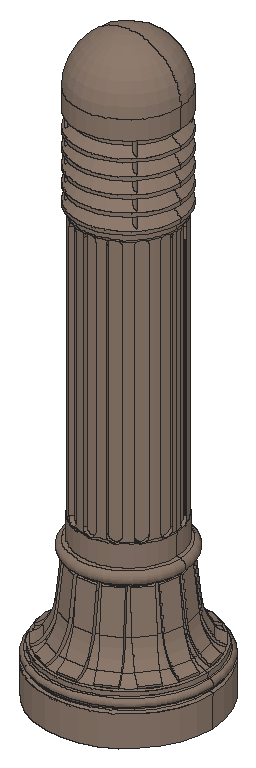
Revit family "BL0210", category Generic Models, Revit 2014
Parameters
  LIGHTING FINS 02 = Bronze, Architectural
  LIGHTING FINS = Bronze, Architectural
  DETAILS = Bronze, Architectural
  CAP = Bronze, Architectural
  BODY = Bronze, Architectural
Reference planes (in)
  plane 1 "Center (Front/Back)": y = 0
  plane 2: z = 0
  plane 3 "Center (Left/Right)": x = 0
Forms (in)
  Revolve 1, solid, material "Bronze, Architectural" <- "CAP"
    sketch origin (0, 0, 0) x (1, 0, 0) y (0, 0, 1)
      loop
        line (0, 45.89138) -> (0, 40.39138) -> (4, 40.39138) -> (4, 41.89138)
        arc (4, 41.89138) -> (2.82843, 44.71981) -> (0, 45.89138) r 4
      axis (0, 40.39138) -> (0, 45.89138)
    angle from 0 to 360
  Revolve 2, solid, material "Bronze, Architectural" <- "BODY"
    sketch origin (0, 0, 0) x (1, 0, 0) y (0, 0, 1)
      loop
        line (0, 0.06638) -> (6.5, 0.06638) -> (6.5, 2.44138) -> (6.26535, 2.55871)
        arc (6.26535, 2.55871) -> (6.23194, 2.60306) -> (6.24694, 2.65652) r 0.0626
        line (6.24694, 2.65652) -> (6.42529, 2.85461)
        arc (6.42529, 2.85461) -> (6.48817, 3.15494) -> (6.28187, 3.38207) r 0.3375
        line (6.28187, 3.38207) -> (6.125, 3.44138) -> (6.125, 3.75388) -> (5.90697, 3.81033)
        arc (5.90697, 3.81033) -> (5.42323, 4.04749) -> (5.02599, 4.41143) r 1.89122
        arc (5.02599, 4.41143) -> (4.50081, 5.38664) -> (4.2068, 6.45453) r 4.92577
        line (4.2068, 6.45453) -> (3.8337, 9.75388) -> (3.8125, 9.94138) -> (3.9, 9.94138)
        arc (3.9, 9.94138) -> (4.37166, 10.36013) -> (4.01171, 10.87806) r 0.475
        line (4.01171, 10.87806) -> (3.75, 10.94138) -> (3.75, 12.56638)
        arc (3.75, 12.56638) -> (3.72506, 12.6204) -> (3.71652, 12.67928) r 0.2071
        line (3.71652, 12.67928) -> (3.71652, 33.32847)
        arc (3.71652, 33.32847) -> (3.72506, 33.38736) -> (3.75, 33.44138) r 0.2071
        line (3.75, 33.44138) -> (3.75, 33.94138) -> (0, 33.94138) -> (0, 0.06638)
      axis (0, 33.94138) -> (0, 0.06638)
    angle from 0 to 360
  Extrusion 3, solid, material "Bronze, Architectural" <- "LIGHTING FINS 02"
    sketch origin (6.85522, 9.77407, 0) x (-0.707074, -0.70714, 0) y (0.70714, -0.707074, 0)
      loop
        line (11.64621, 5.16687) -> (11.89621, 5.16687) -> (11.89621, 5.75077)
        arc (11.89621, 5.75077) -> (11.77121, 5.87577) -> (11.64621, 5.75077) r 0.125
        line (11.64621, 5.75077) -> (11.64621, 5.16687)
    from 33.94138 to 40.39138
  Extrusion 4, solid, material "Bronze, Architectural" <- "LIGHTING FINS 02"
    sketch origin (-6.85563, -9.77344, 0) x (0.707067, 0.707147, 0) y (-0.707147, 0.707067, 0)
      loop
        line (11.63461, 5.16687) -> (11.88461, 5.16687) -> (11.88461, 5.74691)
        arc (11.88461, 5.74691) -> (11.75961, 5.87191) -> (11.63461, 5.74691) r 0.125
        line (11.63461, 5.74691) -> (11.63461, 5.16687)
    from 33.94138 to 40.39138
  Extrusion 5, solid, material "Bronze, Architectural" <- "LIGHTING FINS 02"
    sketch origin (-9.77344, 6.85658, 0) x (0.707085, -0.707128, 0) y (0.707128, 0.707085, 0)
      loop
        line (11.6344, 5.16687) -> (11.8844, 5.16687) -> (11.8844, 5.74973)
        arc (11.8844, 5.74973) -> (11.7594, 5.87473) -> (11.6344, 5.74973) r 0.125
        line (11.6344, 5.74973) -> (11.6344, 5.16687)
    from 33.94138 to 40.39138
  Extrusion 6, solid, material "Bronze, Architectural" <- "LIGHTING FINS 02"
    sketch origin (9.77493, -6.85304, 0) x (-0.70729, 0.706923, 0) y (-0.706923, -0.70729, 0)
      loop
        line (11.63479, 5.16687) -> (11.88479, 5.16687) -> (11.88479, 5.7483)
        arc (11.88479, 5.7483) -> (11.75979, 5.8733) -> (11.63479, 5.7483) r 0.125
        line (11.63479, 5.7483) -> (11.63479, 5.16687)
    from 33.94138 to 40.39138
  Revolve 7, solid, material "Bronze, Architectural" <- "LIGHTING FINS"
    sketch origin (0, 0, 0) x (1, 0, 0) y (0, 0, 1)
      loop
        line (-4, 38.94138) -> (-3.875, 38.94138) -> (-3.86627, 39.19138) -> (-3.0625, 39.45238) -> (-3, 39.45238) -> (-3, 38.94138) -> (-3.125, 38.94138) -> (-4, 37.94138) -> (-4, 37.69138) -> (-3.875, 37.69138) -> (-3.86627, 37.94138) -> (-3.0625, 38.64138) -> (-3, 38.64138) -> (-3, 37.69138) -> (-3.125, 37.69138) -> (-4, 36.69138) -> (-4, 36.44138) -> (-3.875, 36.44138) -> (-3.86627, 36.69138) -> (-3.0625, 37.39138) -> (-3, 37.39138) -> (-3, 36.44138) -> (-3.125, 36.44138) -> (-4, 35.44138) -> (-4, 35.19138) -> (-3.875, 35.19138) -> (-3.86627, 35.44138) -> (-3.06239, 36.14148) -> (-3, 36.14148) -> (-3, 35.19138) -> (-3.125, 35.19138) -> (-4, 34.19138) -> (-4, 33.94138) -> (-3.875, 33.94138) -> (-3.86627, 34.19138) -> (-3.0625, 34.89138) -> (-3, 34.89138) -> (-3, 33.94138) -> (0, 33.94138) -> (0, 40.39138) -> (-3.449, 40.39138) -> (-3.449, 39.82738) -> (-3.2875, 39.82738) -> (-4, 39.19138) -> (-4, 38.94138)
      axis (0, 40.39138) -> (0, 33.94138)
    angle from 0 to 360
  Extrusion 8, void
    sketch origin (0, 0, 0) x (1, 0, 0) y (0, 0, 1)
      loop
        line (0.5, 13.06685) -> (0.5, 32.94185)
        arc (0.5, 32.94185) -> (0, 33.44185) -> (-0.5, 32.94185) r 0.5
        line (-0.5, 32.94185) -> (-0.5, 13.06685)
        arc (-0.5, 13.06685) -> (0, 12.56685) -> (0.5, 13.06685) r 0.5
    from 3.39308 to 6.5
  Extrusion 9, void
    sketch origin (0, 0, 0) x (0.900969, 0.433884, 0) y (0, 0, 1)
      loop
        line (0.5, 13.06685) -> (0.5, 32.94185)
        arc (0.5, 32.94185) -> (0, 33.44185) -> (-0.5, 32.94185) r 0.5
        line (-0.5, 32.94185) -> (-0.5, 13.06685)
        arc (-0.5, 13.06685) -> (0, 12.56685) -> (0.5, 13.06685) r 0.5
    from 3.41255 to 6.5
  Extrusion 10, void
    sketch origin (0, 0, 0) x (0.62349, 0.781831, 0) y (0, 0, 1)
      loop
        line (0.5, 13.06685) -> (0.5, 32.94185)
        arc (0.5, 32.94185) -> (0, 33.44185) -> (-0.5, 32.94185) r 0.5
        line (-0.5, 32.94185) -> (-0.5, 13.06685)
        arc (-0.5, 13.06685) -> (0, 12.56685) -> (0.5, 13.06685) r 0.5
    from 3.40325 to 6.5
  Extrusion 11, void
    sketch origin (0, 0, 0) x (0.222521, 0.974928, 0) y (0, 0, 1)
      loop
        line (0.5, 13.06685) -> (0.5, 32.94185)
        arc (0.5, 32.94185) -> (0, 33.44185) -> (-0.5, 32.94185) r 0.5
        line (-0.5, 32.94185) -> (-0.5, 13.06685)
        arc (-0.5, 13.06685) -> (0, 12.56685) -> (0.5, 13.06685) r 0.5
    from 3.38734 to 6.5
  Extrusion 12, void
    sketch origin (0, 0, 0) x (-0.222521, 0.974928, 0) y (0, 0, 1)
      loop
        line (0.5, 13.06685) -> (0.5, 32.94185)
        arc (0.5, 32.94185) -> (0, 33.44185) -> (-0.5, 32.94185) r 0.5
        line (-0.5, 32.94185) -> (-0.5, 13.06685)
        arc (-0.5, 13.06685) -> (0, 12.56685) -> (0.5, 13.06685) r 0.5
    from 3.40116 to 6.5
  Extrusion 13, void
    sketch origin (0, 0, 0) x (0.900969, -0.433884, 0) y (0, 0, 1)
      loop
        line (0.5, 13.06685) -> (0.5, 32.94185)
        arc (0.5, 32.94185) -> (0, 33.44185) -> (-0.5, 32.94185) r 0.5
        line (-0.5, 32.94185) -> (-0.5, 13.06685)
        arc (-0.5, 13.06685) -> (0, 12.56685) -> (0.5, 13.06685) r 0.5
    from 3.41025 to 6.5
  Extrusion 14, void
    sketch origin (0, 0, 0) x (0.62349, -0.781831, 0) y (0, 0, 1)
      loop
        line (0.5, 13.06685) -> (0.5, 32.94185)
        arc (0.5, 32.94185) -> (0, 33.44185) -> (-0.5, 32.94185) r 0.5
        line (-0.5, 32.94185) -> (-0.5, 13.06685)
        arc (-0.5, 13.06685) -> (0, 12.56685) -> (0.5, 13.06685) r 0.5
    from 3.40894 to 6.5
  Extrusion 15, void
    sketch origin (0, 0, 0) x (0.222521, -0.974928, 0) y (0, 0, 1)
      loop
        line (0.5, 13.06685) -> (0.5, 32.94185)
        arc (0.5, 32.94185) -> (0, 33.44185) -> (-0.5, 32.94185) r 0.5
        line (-0.5, 32.94185) -> (-0.5, 13.06685)
        arc (-0.5, 13.06685) -> (0, 12.56685) -> (0.5, 13.06685) r 0.5
    from 3.39923 to 6.5
  Extrusion 16, void
    sketch origin (0, 0, 0) x (-0.222521, -0.974928, 0) y (0, 0, 1)
      loop
        line (0.5, 13.06685) -> (0.5, 32.94185)
        arc (0.5, 32.94185) -> (0, 33.44185) -> (-0.5, 32.94185) r 0.5
        line (-0.5, 32.94185) -> (-0.5, 13.06685)
        arc (-0.5, 13.06685) -> (0, 12.56685) -> (0.5, 13.06685) r 0.5
    from 3.40041 to 6.5
  Extrusion 17, void
    sketch origin (0, 0, 0) x (-0.62349, -0.781831, 0) y (0, 0, 1)
      loop
        line (0.5, 13.06685) -> (0.5, 32.94185)
        arc (0.5, 32.94185) -> (0, 33.44185) -> (-0.5, 32.94185) r 0.5
        line (-0.5, 32.94185) -> (-0.5, 13.06685)
        arc (-0.5, 13.06685) -> (0, 12.56685) -> (0.5, 13.06685) r 0.5
    from 3.39682 to 6.5
  Extrusion 18, void
    sketch origin (0, 0, 0) x (-0.900969, -0.433884, 0) y (0, 0, 1)
      loop
        line (0.5, 13.06685) -> (0.5, 32.94185)
        arc (0.5, 32.94185) -> (0, 33.44185) -> (-0.5, 32.94185) r 0.5
        line (-0.5, 32.94185) -> (-0.5, 13.06685)
        arc (-0.5, 13.06685) -> (0, 12.56685) -> (0.5, 13.06685) r 0.5
    from 3.40056 to 6.5
  Extrusion 19, void
    sketch origin (0, 0, 0) x (-0.62349, 0.781831, 0) y (0, 0, 1)
      loop
        line (0.5, 13.06685) -> (0.5, 32.94185)
        arc (0.5, 32.94185) -> (0, 33.44185) -> (-0.5, 32.94185) r 0.5
        line (-0.5, 32.94185) -> (-0.5, 13.06685)
        arc (-0.5, 13.06685) -> (0, 12.56685) -> (0.5, 13.06685) r 0.5
    from 3.39968 to 6.5
  Extrusion 20, void
    sketch origin (0, 0, 0) x (-0.900969, 0.433884, 0) y (0, 0, 1)
      loop
        line (0.5, 13.06685) -> (0.5, 32.94185)
        arc (0.5, 32.94185) -> (0, 33.44185) -> (-0.5, 32.94185) r 0.5
        line (-0.5, 32.94185) -> (-0.5, 13.06685)
        arc (-0.5, 13.06685) -> (0, 12.56685) -> (0.5, 13.06685) r 0.5
    from 3.23356 to 6.5
  Extrusion 21, void
    sketch origin (0, 0, 0) x (-1, 0, 0) y (0, 0, 1)
      loop
        line (0.5, 13.06685) -> (0.5, 32.94185)
        arc (0.5, 32.94185) -> (0, 33.44185) -> (-0.5, 32.94185) r 0.5
        line (-0.5, 32.94185) -> (-0.5, 13.06685)
        arc (-0.5, 13.06685) -> (0, 12.56685) -> (0.5, 13.06685) r 0.5
    from 3.38848 to 6.5
  Extrusion 22, solid, material "Bronze, Architectural" <- "DETAILS"
    sketch origin (-0.00111, -0.07141, 0) x (0.000152, 1, 0) y (0, 0, 1)
      loop
        arc (5.94707, 3.995) -> (5.52428, 4.20602) -> (5.17571, 4.52504) r 1.70372
        arc (5.17571, 4.52504) -> (4.67418, 5.45854) -> (4.39265, 6.48016) r 4.73827
        line (4.39265, 6.48016) -> (4.02947, 9.69185) -> (3.8337, 9.75435) -> (4.20699, 6.45334)
        arc (4.20699, 6.45334) -> (4.50137, 5.38621) -> (5.02599, 4.41143) r 4.93973
        arc (5.02599, 4.41143) -> (5.42353, 4.04794) -> (5.90697, 3.81033) r 1.904
        line (5.90697, 3.81033) -> (5.94707, 3.995)
    from -0.74527 to 0.74746
  Extrusion 23, solid, material "Bronze, Architectural" <- "DETAILS"
    sketch origin (-0.03143, -0.06365, 0) x (0.433962, 0.900931, 0) y (0, 0, 1)
      loop
        arc (5.94707, 3.995) -> (5.52428, 4.20602) -> (5.17571, 4.52504) r 1.70372
        arc (5.17571, 4.52504) -> (4.67418, 5.45854) -> (4.39265, 6.48016) r 4.73827
        line (4.39265, 6.48016) -> (4.02947, 9.69185) -> (3.8337, 9.75435) -> (4.20699, 6.45334)
        arc (4.20699, 6.45334) -> (4.50137, 5.38621) -> (5.02599, 4.41143) r 4.93973
        arc (5.02599, 4.41143) -> (5.42353, 4.04794) -> (5.90697, 3.81033) r 1.904
        line (5.90697, 3.81033) -> (5.94707, 3.995)
    from -0.74527 to 0.74746
  Extrusion 24, solid, material "Bronze, Architectural" <- "DETAILS"
    sketch origin (-0.05538, -0.0435, 0) x (0.781869, 0.623442, 0) y (0, 0, 1)
      loop
        arc (5.94707, 3.995) -> (5.52428, 4.20602) -> (5.17571, 4.52504) r 1.70372
        arc (5.17571, 4.52504) -> (4.67418, 5.45854) -> (4.39265, 6.48016) r 4.73827
        line (4.39265, 6.48016) -> (4.02947, 9.69185) -> (3.8337, 9.75435) -> (4.20699, 6.45334)
        arc (4.20699, 6.45334) -> (4.50137, 5.38621) -> (5.02599, 4.41143) r 4.93973
        arc (5.02599, 4.41143) -> (5.42353, 4.04794) -> (5.90697, 3.81033) r 1.904
        line (5.90697, 3.81033) -> (5.94707, 3.995)
    from -0.74527 to 0.74746
  Extrusion 25, solid, material "Bronze, Architectural" <- "DETAILS"
    sketch origin (-0.06822, -0.01495, 0) x (0.974944, 0.222452, 0) y (0, 0, 1)
      loop
        arc (5.94707, 3.995) -> (5.52428, 4.20602) -> (5.17571, 4.52504) r 1.70372
        arc (5.17571, 4.52504) -> (4.67418, 5.45854) -> (4.39265, 6.48016) r 4.73827
        line (4.39265, 6.48016) -> (4.02947, 9.69185) -> (3.8337, 9.75435) -> (4.20699, 6.45334)
        arc (4.20699, 6.45334) -> (4.50137, 5.38621) -> (5.02599, 4.41143) r 4.93973
        arc (5.02599, 4.41143) -> (5.42353, 4.04794) -> (5.90697, 3.81033) r 1.904
        line (5.90697, 3.81033) -> (5.94707, 3.995)
    from -0.74527 to 0.74746
  Extrusion 26, solid, material "Bronze, Architectural" <- "DETAILS"
    sketch origin (-0.06741, 0.01634, 0) x (0.974901, -0.222639, 0) y (0, 0, 1)
      loop
        arc (5.94707, 3.995) -> (5.52428, 4.20602) -> (5.17571, 4.52504) r 1.70372
        arc (5.17571, 4.52504) -> (4.67418, 5.45854) -> (4.39265, 6.48016) r 4.73827
        line (4.39265, 6.48016) -> (4.02947, 9.69185) -> (3.8337, 9.75435) -> (4.20699, 6.45334)
        arc (4.20699, 6.45334) -> (4.50137, 5.38621) -> (5.02599, 4.41143) r 4.93973
        arc (5.02599, 4.41143) -> (5.42353, 4.04794) -> (5.90697, 3.81033) r 1.904
        line (5.90697, 3.81033) -> (5.94707, 3.995)
    from -0.74527 to 0.74746
  Extrusion 27, solid, material "Bronze, Architectural" <- "DETAILS"
    sketch origin (0.02958, -0.06525, 0) x (-0.433675, 0.901069, 0) y (0, 0, 1)
      loop
        arc (5.94707, 3.995) -> (5.52428, 4.20602) -> (5.17571, 4.52504) r 1.70372
        arc (5.17571, 4.52504) -> (4.67418, 5.45854) -> (4.39265, 6.48016) r 4.73827
        line (4.39265, 6.48016) -> (4.02947, 9.69185) -> (3.8337, 9.75435) -> (4.20699, 6.45334)
        arc (4.20699, 6.45334) -> (4.50137, 5.38621) -> (5.02599, 4.41143) r 4.93973
        arc (5.02599, 4.41143) -> (5.42353, 4.04794) -> (5.90697, 3.81033) r 1.904
        line (5.90697, 3.81033) -> (5.94707, 3.995)
    from -0.74527 to 0.74746
  Extrusion 28, solid, material "Bronze, Architectural" <- "DETAILS"
    sketch origin (0.05455, -0.04639, 0) x (-0.781634, 0.623737, 0) y (0, 0, 1)
      loop
        arc (5.94707, 3.995) -> (5.52428, 4.20602) -> (5.17571, 4.52504) r 1.70372
        arc (5.17571, 4.52504) -> (4.67418, 5.45854) -> (4.39265, 6.48016) r 4.73827
        line (4.39265, 6.48016) -> (4.02947, 9.69185) -> (3.8337, 9.75435) -> (4.20699, 6.45334)
        arc (4.20699, 6.45334) -> (4.50137, 5.38621) -> (5.02599, 4.41143) r 4.93973
        arc (5.02599, 4.41143) -> (5.42353, 4.04794) -> (5.90697, 3.81033) r 1.904
        line (5.90697, 3.81033) -> (5.94707, 3.995)
    from -0.74527 to 0.74746
  Extrusion 29, solid, material "Bronze, Architectural" <- "DETAILS"
    sketch origin (0.06887, -0.01856, 0) x (-0.97484, 0.222905, 0) y (0, 0, 1)
      loop
        arc (5.94707, 3.995) -> (5.52428, 4.20602) -> (5.17571, 4.52504) r 1.70372
        arc (5.17571, 4.52504) -> (4.67418, 5.45854) -> (4.39265, 6.48016) r 4.73827
        line (4.39265, 6.48016) -> (4.02947, 9.69185) -> (3.8337, 9.75435) -> (4.20699, 6.45334)
        arc (4.20699, 6.45334) -> (4.50137, 5.38621) -> (5.02599, 4.41143) r 4.93973
        arc (5.02599, 4.41143) -> (5.42353, 4.04794) -> (5.90697, 3.81033) r 1.904
        line (5.90697, 3.81033) -> (5.94707, 3.995)
    from -0.74527 to 0.74746
  Extrusion 30, solid, material "Bronze, Architectural" <- "DETAILS"
    sketch origin (0.0697, 0.01273, 0) x (-0.975026, -0.222089, 0) y (0, 0, 1)
      loop
        arc (5.94707, 3.995) -> (5.52428, 4.20602) -> (5.17571, 4.52504) r 1.70372
        arc (5.17571, 4.52504) -> (4.67418, 5.45854) -> (4.39265, 6.48016) r 4.73827
        line (4.39265, 6.48016) -> (4.02947, 9.69185) -> (3.8337, 9.75435) -> (4.20699, 6.45334)
        arc (4.20699, 6.45334) -> (4.50137, 5.38621) -> (5.02599, 4.41143) r 4.93973
        arc (5.02599, 4.41143) -> (5.42353, 4.04794) -> (5.90697, 3.81033) r 1.904
        line (5.90697, 3.81033) -> (5.94707, 3.995)
    from -0.74527 to 0.74746
  Extrusion 31, solid, material "Bronze, Architectural" <- "DETAILS"
    sketch origin (0.05689, 0.04125, 0) x (-0.782412, -0.622762, 0) y (0, 0, 1)
      loop
        arc (5.94707, 3.995) -> (5.52428, 4.20602) -> (5.17571, 4.52504) r 1.70372
        arc (5.17571, 4.52504) -> (4.67418, 5.45854) -> (4.39265, 6.48016) r 4.73827
        line (4.39265, 6.48016) -> (4.02947, 9.69185) -> (3.8337, 9.75435) -> (4.20699, 6.45334)
        arc (4.20699, 6.45334) -> (4.50137, 5.38621) -> (5.02599, 4.41143) r 4.93973
        arc (5.02599, 4.41143) -> (5.42353, 4.04794) -> (5.90697, 3.81033) r 1.904
        line (5.90697, 3.81033) -> (5.94707, 3.995)
    from -0.74527 to 0.74746
  Extrusion 32, solid, material "Bronze, Architectural" <- "DETAILS"
    sketch origin (0.03296, 0.06142, 0) x (-0.434846, -0.900505, 0) y (0, 0, 1)
      loop
        arc (5.94707, 3.995) -> (5.52428, 4.20602) -> (5.17571, 4.52504) r 1.70372
        arc (5.17571, 4.52504) -> (4.67418, 5.45854) -> (4.39265, 6.48016) r 4.73827
        line (4.39265, 6.48016) -> (4.02947, 9.69185) -> (3.8337, 9.75435) -> (4.20699, 6.45334)
        arc (4.20699, 6.45334) -> (4.50137, 5.38621) -> (5.02599, 4.41143) r 4.93973
        arc (5.02599, 4.41143) -> (5.42353, 4.04794) -> (5.90697, 3.81033) r 1.904
        line (5.90697, 3.81033) -> (5.94707, 3.995)
    from -0.74527 to 0.74746
  Extrusion 33, solid, material "Bronze, Architectural" <- "DETAILS"
    sketch origin (-0.05309, 0.04418, 0) x (0.781774, -0.623562, 0) y (0, 0, 1)
      loop
        arc (5.94707, 3.995) -> (5.52428, 4.20602) -> (5.17571, 4.52504) r 1.70372
        arc (5.17571, 4.52504) -> (4.67418, 5.45854) -> (4.39265, 6.48016) r 4.73827
        line (4.39265, 6.48016) -> (4.02947, 9.69185) -> (3.8337, 9.75435) -> (4.20699, 6.45334)
        arc (4.20699, 6.45334) -> (4.50137, 5.38621) -> (5.02599, 4.41143) r 4.93973
        arc (5.02599, 4.41143) -> (5.42353, 4.04794) -> (5.90697, 3.81033) r 1.904
        line (5.90697, 3.81033) -> (5.94707, 3.995)
    from -0.74527 to 0.74746
  Extrusion 34, solid, material "Bronze, Architectural" <- "DETAILS"
    sketch origin (-0.02811, 0.06305, 0) x (0.433722, -0.901047, 0) y (0, 0, 1)
      loop
        arc (5.94707, 3.995) -> (5.52428, 4.20602) -> (5.17571, 4.52504) r 1.70372
        arc (5.17571, 4.52504) -> (4.67418, 5.45854) -> (4.39265, 6.48016) r 4.73827
        line (4.39265, 6.48016) -> (4.02947, 9.69185) -> (3.8337, 9.75435) -> (4.20699, 6.45334)
        arc (4.20699, 6.45334) -> (4.50137, 5.38621) -> (5.02599, 4.41143) r 4.93973
        arc (5.02599, 4.41143) -> (5.42353, 4.04794) -> (5.90697, 3.81033) r 1.904
        line (5.90697, 3.81033) -> (5.94707, 3.995)
    from -0.74527 to 0.74746
  Extrusion 35, solid, material "Bronze, Architectural" <- "DETAILS"
    sketch origin (0.00262, 0.06921, 0) x (-0.000712, -1, 0) y (0, 0, 1)
      loop
        arc (5.94707, 3.995) -> (5.52428, 4.20602) -> (5.17571, 4.52504) r 1.70372
        arc (5.17571, 4.52504) -> (4.67418, 5.45854) -> (4.39265, 6.48016) r 4.73827
        line (4.39265, 6.48016) -> (4.02947, 9.69185) -> (3.8337, 9.75435) -> (4.20699, 6.45334)
        arc (4.20699, 6.45334) -> (4.50137, 5.38621) -> (5.02599, 4.41143) r 4.93973
        arc (5.02599, 4.41143) -> (5.42353, 4.04794) -> (5.90697, 3.81033) r 1.904
        line (5.90697, 3.81033) -> (5.94707, 3.995)
    from -0.74527 to 0.74746
Cuts and joins
  Extrusion 8, Extrusion 9, Extrusion 10, Extrusion 11, Extrusion 12, Extrusion 13, Extrusion 14, Extrusion 15, Extrusion 16, Extrusion 17, Extrusion 18, Extrusion 19, Extrusion 20, Extrusion 21 cuts Revolve 2
Lines and regions (in)
  model lines
    curve 1: line (6.5, 1.48358, 0) -> (5.2126, 4.15691, 0)
    curve 2: line (5.2126, 4.15691, 0) -> (2.89277, 6.0069, 0)
    curve 3: line (2.89277, 6.0069, 0) -> (0, 6.66716, 0)
    curve 4: line (0, 6.66716, 0) -> (-2.89277, 6.0069, 0)
    curve 5: line (-2.89277, 6.0069, 0) -> (-5.2126, 4.15691, 0)
    curve 6: line (-5.2126, 4.15691, 0) -> (-6.5, 1.48358, 0)
    curve 7: line (-6.5, 1.48358, 0) -> (-6.5, -1.48358, 0)
    curve 8: line (-6.5, -1.48358, 0) -> (-5.2126, -4.15691, 0)
    curve 9: line (-5.2126, -4.15691, 0) -> (-2.89277, -6.0069, 0)
    curve 10: line (-2.89277, -6.0069, 0) -> (0, -6.66716, 0)
    curve 11: line (0, -6.66716, 0) -> (2.89277, -6.0069, 0)
    curve 12: line (2.89277, -6.0069, 0) -> (5.2126, -4.15691, 0)
    curve 13: line (5.2126, -4.15691, 0) -> (6.5, -1.48358, 0)
    curve 14: line (6.5, -1.48358, 0) -> (6.5, 1.48358, 0)
Dimensions and locks (in)
  aligned and locked: plane 2 to level
